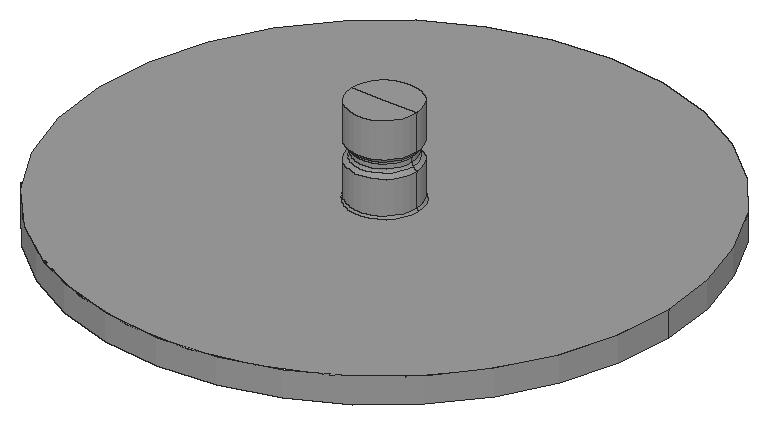
Revit family "DUCHA FIJA 250MM NEGRO MATE", category Plumbing Fixtures, Revit 2019
Family settings
  Round Connector Dimension = Use Diameter
  Part Type = Normal
  OmniClass Number = 23.45.00.00
  OmniClass Title = Sanitary, Laundry, and Cleaning Equipment
  Work Plane-Based = No
  Always vertical = Yes
  Cut with Voids When Loaded = No
  Shared = No
  Room Calculation Point = No
Reference planes
  plane 1 "Center (Front/Back)": y = 0
  plane 2: z = 0
  plane 3 "Center (Left/Right)": x = 0
Forms (mm)
  Revolve 1, solid
    sketch origin (0, 0, 0) x (1, 0, 0) y (0, 0, -1)
      loop
        line (326, -899) -> (326, -934) -> (339, -934) -> (339, -920) -> (337.333, -918.333)
        arc (337.333, -918.333) -> (337.087, -917.964) -> (337, -917.529) r 1.138
        line (337, -917.529) -> (337, -915.817)
        arc (337, -915.817) -> (337.15, -915.062) -> (337.578, -914.422) r 1.973
        line (337.578, -914.422) -> (339, -913) -> (339, -900) -> (339.605, -899) -> (326, -899)
      axis (326, -899) -> (326, -934)
    angle from 0 to 360
  Extrusion 2, solid
    sketch origin (0, 0, 0) x (1, 0, 0) y (0, 1, 0)
      loop
        circle (326, 0) r 114
    from 888.768 to 899
  Extrusion 3, solid
    sketch origin (0, 0, 0) x (1, 0, 0) y (0, 1, 0)
      loop
        circle (326, -100) r 3
      loop
        circle (426, 0) r 3
      loop
        circle (326, 100) r 3
      loop
        circle (226, 0) r 3
      loop
        circle (326, -80) r 3
      loop
        circle (326, -60) r 3
      loop
        circle (326, -40) r 3
      loop
        circle (246, 0) r 3
      loop
        circle (266, 0) r 3
      loop
        circle (286, 0) r 3
      loop
        circle (326, 80) r 3
      loop
        circle (326, 60) r 3
      loop
        circle (326, 40) r 3
      loop
        circle (406, 0) r 3
      loop
        circle (386, 0) r 3
      loop
        circle (366, 0) r 3
    from 883.617 to 888.768
  Extrusion 4, solid
    sketch origin (0, 0, 0) x (1, 0, 0) y (0, 1, 0)
      loop
        circle (255.321, 70.679) r 3
      loop
        circle (269.463, 56.537) r 3
      loop
        circle (283.605, 42.395) r 3
      loop
        circle (299.837, 26.163) r 3
      loop
        circle (396.679, 70.679) r 3
      loop
        circle (382.537, 56.537) r 3
      loop
        circle (368.395, 42.395) r 3
      loop
        circle (352.163, 26.163) r 3
      loop
        circle (396.679, -70.679) r 3
      loop
        circle (382.537, -56.537) r 3
      loop
        circle (368.395, -42.395) r 3
      loop
        circle (352.163, -26.163) r 3
      loop
        circle (255.321, -70.679) r 3
      loop
        circle (269.463, -56.537) r 3
      loop
        circle (283.605, -42.395) r 3
      loop
        circle (299.837, -26.163) r 3
    from 883.617 to 888.768
Dimensions and locks
  aligned and locked: plane 2 to level
